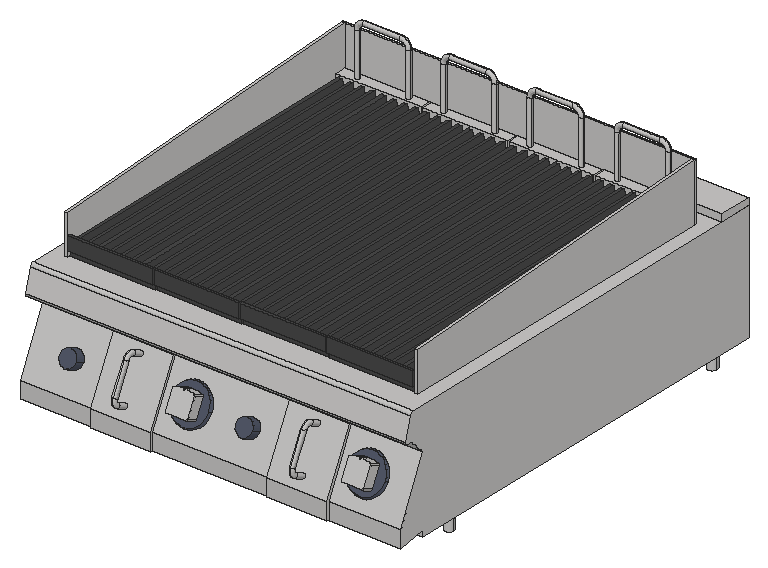
Revit family "QF_ZANUSSI_392065_Z9GRGHGC0P", category Specialty Equipment, Revit 2018 (continued)
Automatic sketch dimensions
  Extrusion 36 sketch curve to Extrusion 36 sketch curve = 35 mm
  Extrusion 36 sketch curve to Extrusion 36 sketch curve = 0.751 mm
  plane 5 "FRONT" to curve 9 = 0 mm
  plane 5 "FRONT" to curve 11 = 0 mm
  plane 5 "FRONT" to curve 1 = 0 mm
  plane 5 "FRONT" to curve 24 = 0 mm
  plane 5 "FRONT" to curve 22 = 0 mm
  radius of Extrusion 2 sketch curve = 9.525 mm  (x4)
  radius of Sweep 4 sketch curve = 4.572 mm
  radius of Sweep 8 sketch curve = 4.572 mm
  radius of Sweep 9 sketch curve = 4.572 mm
  radius of Sweep 12 sketch curve = 4.572 mm
  radius of Sweep 13 sketch curve = 4.572 mm
  radius of Extrusion 16 sketch curve = 6.35 mm
  radius of Extrusion 17 sketch curve = 6.35 mm
  radius of Sweep 18 sketch curve = 4.572 mm
  radius of Blend 23 sketch curve = 42.5 mm
  radius of Blend 23 sketch curve = 40.5 mm
  radius of Split face 1 sketch curve = 1.714 mm
  radius of Split face 2 sketch curve = 2 mm
  radius of Split face 3 sketch curve = 2 mm
  radius of Sweep 24 sketch curve = 4.572 mm
  radius of Blend 28 sketch curve = 42.5 mm
  radius of Blend 28 sketch curve = 40.5 mm
  radius of Split face 8 sketch curve = 1.714 mm
  radius of Split face 9 sketch curve = 2 mm
  radius of Split face 10 sketch curve = 2 mm
  radius of Extrusion 29 sketch curve = 15 mm
  radius of Extrusion 30 sketch curve = 18 mm
  radius of Extrusion 32 sketch curve = 15 mm
  radius of Extrusion 33 sketch curve = 18 mm
  radius of Sweep 35 sketch curve = 4.572 mm
Nested families
  nested 1: "QF_392065_GRILL" at (39.571, -130.285, 287.7), type "QF_392065_GRILL"
    with Type Mark "", Specification by User "", Revision Code "", Item Number "", Installed By "", Identify Quantity as Lot yes, Furnished By "", Foodservice Equipment Identifier yes
  nested 2: "QF_392065_GRILL" at (747.729, -130.285, 287.7), type "QF_392065_GRILL"
    with Type Mark "", Specification by User "", Revision Code "", Item Number "", Installed By "", Identify Quantity as Lot yes, Furnished By "", Foodservice Equipment Identifier yes
  nested 3: "QF_392065_GRILL" at (62.414, -130.285, 287.7), type "QF_392065_GRILL"
    with Type Mark "", Specification by User "", Revision Code "", Item Number "", Installed By "", Identify Quantity as Lot yes, Furnished By "", Foodservice Equipment Identifier yes
  nested 4: "QF_392065_GRILL" at (85.258, -130.285, 287.7), type "QF_392065_GRILL"
    with Type Mark "", Specification by User "", Revision Code "", Item Number "", Installed By "", Identify Quantity as Lot yes, Furnished By "", Foodservice Equipment Identifier yes
  nested 5: "QF_392065_GRILL" at (108.102, -130.285, 287.7), type "QF_392065_GRILL"
    with Type Mark "", Specification by User "", Revision Code "", Item Number "", Installed By "", Identify Quantity as Lot yes, Furnished By "", Foodservice Equipment Identifier yes
  nested 6: "QF_392065_GRILL" at (130.946, -130.285, 287.7), type "QF_392065_GRILL"
    with Type Mark "", Specification by User "", Revision Code "", Item Number "", Installed By "", Identify Quantity as Lot yes, Furnished By "", Foodservice Equipment Identifier yes
  nested 7: "QF_392065_GRILL" at (153.79, -130.285, 287.7), type "QF_392065_GRILL"
    with Type Mark "", Specification by User "", Revision Code "", Item Number "", Installed By "", Identify Quantity as Lot yes, Furnished By "", Foodservice Equipment Identifier yes
  nested 8: "QF_392065_GRILL" at (176.634, -130.285, 287.7), type "QF_392065_GRILL"
    with Type Mark "", Specification by User "", Revision Code "", Item Number "", Installed By "", Identify Quantity as Lot yes, Furnished By "", Foodservice Equipment Identifier yes
  nested 9: "QF_392065_GRILL" at (199.477, -130.285, 287.7), type "QF_392065_GRILL"
    with Type Mark "", Specification by User "", Revision Code "", Item Number "", Installed By "", Identify Quantity as Lot yes, Furnished By "", Foodservice Equipment Identifier yes
  nested 10: "QF_392065_GRILL" at (222.321, -130.285, 287.7), type "QF_392065_GRILL"
    with Type Mark "", Specification by User "", Revision Code "", Item Number "", Installed By "", Identify Quantity as Lot yes, Furnished By "", Foodservice Equipment Identifier yes
  nested 11: "QF_392065_GRILL" at (245.165, -130.285, 287.7), type "QF_392065_GRILL"
    with Type Mark "", Specification by User "", Revision Code "", Item Number "", Installed By "", Identify Quantity as Lot yes, Furnished By "", Foodservice Equipment Identifier yes
  nested 12: "QF_392065_GRILL" at (268.009, -130.285, 287.7), type "QF_392065_GRILL"
    with Type Mark "", Specification by User "", Revision Code "", Item Number "", Installed By "", Identify Quantity as Lot yes, Furnished By "", Foodservice Equipment Identifier yes
  nested 13: "QF_392065_GRILL" at (290.853, -130.285, 287.7), type "QF_392065_GRILL"
    with Type Mark "", Specification by User "", Revision Code "", Item Number "", Installed By "", Identify Quantity as Lot yes, Furnished By "", Foodservice Equipment Identifier yes
  nested 14: "QF_392065_GRILL" at (313.697, -130.285, 287.7), type "QF_392065_GRILL"
    with Type Mark "", Specification by User "", Revision Code "", Item Number "", Installed By "", Identify Quantity as Lot yes, Furnished By "", Foodservice Equipment Identifier yes
  nested 15: "QF_392065_GRILL" at (336.54, -130.285, 287.7), type "QF_392065_GRILL"
    with Type Mark "", Specification by User "", Revision Code "", Item Number "", Installed By "", Identify Quantity as Lot yes, Furnished By "", Foodservice Equipment Identifier yes
  nested 16: "QF_392065_GRILL" at (359.384, -130.285, 287.7), type "QF_392065_GRILL"
    with Type Mark "", Specification by User "", Revision Code "", Item Number "", Installed By "", Identify Quantity as Lot yes, Furnished By "", Foodservice Equipment Identifier yes
  nested 17: "QF_392065_GRILL" at (382.228, -130.285, 287.7), type "QF_392065_GRILL"
    with Type Mark "", Specification by User "", Revision Code "", Item Number "", Installed By "", Identify Quantity as Lot yes, Furnished By "", Foodservice Equipment Identifier yes
  nested 18: "QF_392065_GRILL" at (405.072, -130.285, 287.7), type "QF_392065_GRILL"
    with Type Mark "", Specification by User "", Revision Code "", Item Number "", Installed By "", Identify Quantity as Lot yes, Furnished By "", Foodservice Equipment Identifier yes
  nested 19: "QF_392065_GRILL" at (427.916, -130.285, 287.7), type "QF_392065_GRILL"
    with Type Mark "", Specification by User "", Revision Code "", Item Number "", Installed By "", Identify Quantity as Lot yes, Furnished By "", Foodservice Equipment Identifier yes
  nested 20: "QF_392065_GRILL" at (450.76, -130.285, 287.7), type "QF_392065_GRILL"
    with Type Mark "", Specification by User "", Revision Code "", Item Number "", Installed By "", Identify Quantity as Lot yes, Furnished By "", Foodservice Equipment Identifier yes
  nested 21: "QF_392065_GRILL" at (473.603, -130.285, 287.7), type "QF_392065_GRILL"
    with Type Mark "", Specification by User "", Revision Code "", Item Number "", Installed By "", Identify Quantity as Lot yes, Furnished By "", Foodservice Equipment Identifier yes
  nested 22: "QF_392065_GRILL" at (496.447, -130.285, 287.7), type "QF_392065_GRILL"
    with Type Mark "", Specification by User "", Revision Code "", Item Number "", Installed By "", Identify Quantity as Lot yes, Furnished By "", Foodservice Equipment Identifier yes
  nested 23: "QF_392065_GRILL" at (519.291, -130.285, 287.7), type "QF_392065_GRILL"
    with Type Mark "", Specification by User "", Revision Code "", Item Number "", Installed By "", Identify Quantity as Lot yes, Furnished By "", Foodservice Equipment Identifier yes
  nested 24: "QF_392065_GRILL" at (542.135, -130.285, 287.7), type "QF_392065_GRILL"
    with Type Mark "", Specification by User "", Revision Code "", Item Number "", Installed By "", Identify Quantity as Lot yes, Furnished By "", Foodservice Equipment Identifier yes
  nested 25: "QF_392065_GRILL" at (564.979, -130.285, 287.7), type "QF_392065_GRILL"
    with Type Mark "", Specification by User "", Revision Code "", Item Number "", Installed By "", Identify Quantity as Lot yes, Furnished By "", Foodservice Equipment Identifier yes
  nested 26: "QF_392065_GRILL" at (587.823, -130.285, 287.7), type "QF_392065_GRILL"
    with Type Mark "", Specification by User "", Revision Code "", Item Number "", Installed By "", Identify Quantity as Lot yes, Furnished By "", Foodservice Equipment Identifier yes
  nested 27: "QF_392065_GRILL" at (610.666, -130.285, 287.7), type "QF_392065_GRILL"
    with Type Mark "", Specification by User "", Revision Code "", Item Number "", Installed By "", Identify Quantity as Lot yes, Furnished By "", Foodservice Equipment Identifier yes
  nested 28: "QF_392065_GRILL" at (633.51, -130.285, 287.7), type "QF_392065_GRILL"
    with Type Mark "", Specification by User "", Revision Code "", Item Number "", Installed By "", Identify Quantity as Lot yes, Furnished By "", Foodservice Equipment Identifier yes
  nested 29: "QF_392065_GRILL" at (656.354, -130.285, 287.7), type "QF_392065_GRILL"
    with Type Mark "", Specification by User "", Revision Code "", Item Number "", Installed By "", Identify Quantity as Lot yes, Furnished By "", Foodservice Equipment Identifier yes
  nested 30: "QF_392065_GRILL" at (679.198, -130.285, 287.7), type "QF_392065_GRILL"
    with Type Mark "", Specification by User "", Revision Code "", Item Number "", Installed By "", Identify Quantity as Lot yes, Furnished By "", Foodservice Equipment Identifier yes
  nested 31: "QF_392065_GRILL" at (702.042, -130.285, 287.7), type "QF_392065_GRILL"
    with Type Mark "", Specification by User "", Revision Code "", Item Number "", Installed By "", Identify Quantity as Lot yes, Furnished By "", Foodservice Equipment Identifier yes
  nested 32: "QF_392065_GRILL" at (724.886, -130.285, 287.7), type "QF_392065_GRILL"
    with Type Mark "", Specification by User "", Revision Code "", Item Number "", Installed By "", Identify Quantity as Lot yes, Furnished By "", Foodservice Equipment Identifier yes
Connectors
  piping at (748, -648, 15), diameter 12.8
    settings: on Extrusion 16, index 1, connector inside diameter 0.50394", connector length 0 mm, flow factor 0, pipe flow 0 GPM, pressure drop 0.00 psi, fitting loss kfactor 0, connector angle 0.00°, fixture units 0, engagement length 0 mm, angle of deflection 0.00°, flow configuration 1, flow direction 1, fitting loss method 0, system type 7, joint type 0, gender type 0, connector reference index -1, connector utility 0, adjustable connector no, is connector primary yes, connector description "GAS CONNECTION"
  piping at (748, -50, 78), diameter 12.8
    settings: on Extrusion 17, index 2, connector inside diameter 0.50394", connector length 0 mm, flow factor 0, pipe flow 0 GPM, pressure drop 0.00 psi, fitting loss kfactor 0, connector angle 0.00°, fixture units 0, engagement length 0 mm, angle of deflection 0.00°, flow configuration 1, flow direction 1, fitting loss method 0, system type 7, joint type 0, gender type 0, connector reference index -1, connector utility 0, adjustable connector no, is connector primary no, connector description "GAS CONNECTION"
Definition of nested family "QF_392065_GRILL"
  Parameters
    Weight in Pounds = 0
    URL Cutsheet = ""
    URL = ""
    Type Mark [instance] = ""
    Specification by User [instance] = ""
    Specification by Manufacturer = ""
    Serial Number = ""
    Seismic Rating = ""
    SMACNA No = ""
    Revision Code [instance] = ""
    Omniclass Number and Title = ""
    NAFEM Spec ID Number = ""
    Model = ""
    Masterspec = ""
    Manufacturer = ""
    Item Number [instance] = ""
    Installed By [instance] = ""
    Identify Quantity as Lot [instance] = yes
    Furnished By [instance] = ""
    Foodservice Equipment Identifier [instance] = yes
    Description = ""
    CSI MasterFormat = ""
    CSI Master Format = ""
    Assembly Code = ""
  Reference planes
    plane 1 "BACK": y = 0
    plane 2: z = 0
    plane 3 "LEFT": x = 0
    plane 4 "RIGHT": x = 12.7
    plane 5 "FRONT": y = -701.7
    plane 6 "TOP": z = 19.576
    plane 7 "Center Y": x = 6.35
    plane 8 "Center X": y = -350.85
    plane 9: y = -147.637
  Forms (mm)
    Extrusion 1, solid
      sketch origin (-1.421, -501.68, -12.7) x (1, 0, 0) y (0, 0, 1)
        loop
          line (1.421, 12.7) -> (14.121, 12.7) -> (11.081, 32.276) -> (4.46, 32.276) -> (1.421, 12.7)
      from 200.02 to -501.68
  Lines and regions (mm)
    symbolic lines
      curve 1: line (0, 0, 0) -> (12.7, 0, 0)
      curve 2: line (0, -701.7, 0) -> (0, 0, 0)
      curve 3: line (12.7, -701.7, 0) -> (0, -701.7, 0)
      curve 4: line (12.7, 0, 0) -> (12.7, -701.7, 0)
  Dimensions and locks
    equal spacing: plane 3 "LEFT", plane 7 "Center Y", plane 4 "RIGHT"
    plane 3 "LEFT" to plane 4 "RIGHT" = 12.7 mm
    equal spacing: plane 5 "FRONT", plane 8 "Center X", plane 1 "BACK"
    plane 5 "FRONT" to plane 1 "BACK" = 701.7 mm
    plane 6 "TOP" to level = 19.576 mm
    plane 1 "BACK" to plane 5 "FRONT" = 701.7 mm
    aligned and locked: level to plane 2
  Automatic sketch dimensions
    Extrusion 1 sketch curve to level = 0 mm
    Extrusion 1 sketch curve to plane 3 "LEFT" = 0 mm
    Extrusion 1 sketch curve to plane 6 "TOP" = 0 mm
    Extrusion 1 sketch curve to plane 4 "RIGHT" = 0 mm
    plane 3 "LEFT" to Extrusion 1 sketch curve = 3.039 mm
    Extrusion 1 sketch curve to plane 4 "RIGHT" = 3.039 mm
    curve 3 to plane 3 "LEFT" = 0 mm
    curve 3 to plane 4 "RIGHT" = 0 mm
    plane 5 "FRONT" to curve 3 = 0 mm
    plane 1 "BACK" to curve 2 = 0 mm
